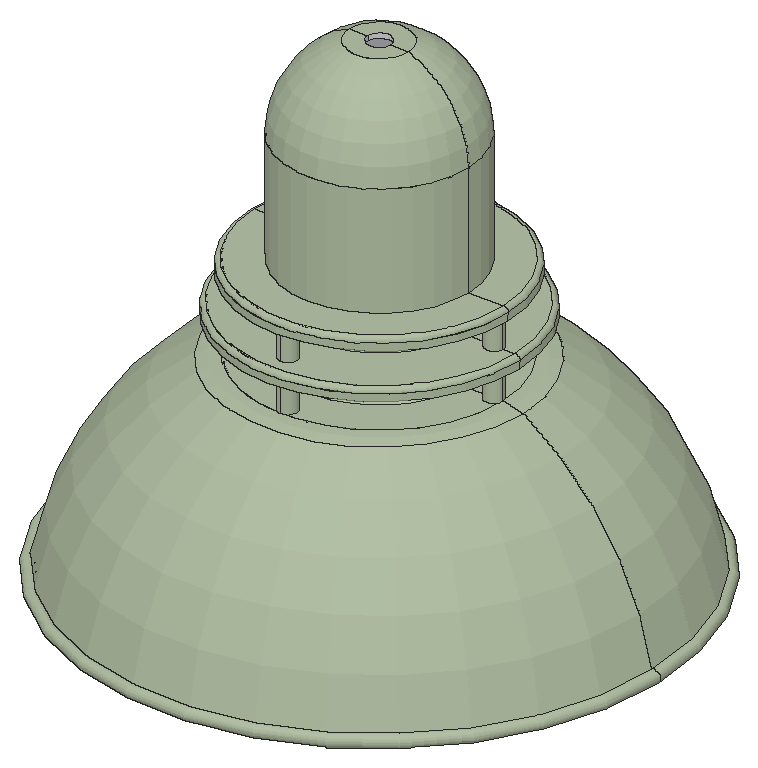
Revit family "UDR12 SHADE", category Lighting Fixtures, Revit 2024
Family settings
  Round Connector Dimension = Use Diameter
  Part Type = Normal
  OmniClass Number = 23.80.70.00
  OmniClass Title = Lighting
  Work Plane-Based = No
  Always vertical = Yes
  Cut with Voids When Loaded = No
  Light Source = Yes
  Maintain Annotation Orientation = No
  Shared = No
  Room Calculation Point = No
Parameters
  Wattage = 12.1178 W
  built-in parameter 1150110 = 1 (stored number, unit not read)
  built-in parameter 1114217 = 1 (stored number, unit not read)
  built-in parameter 1150109 = 1 (stored number, unit not read)
  built-in parameter 1150134 = (empty or 0)
  built-in parameter 1150113 = 1 (stored number, unit not read)
  Lumens = 1800 lm
  built-in parameter 1150115 = 1 (stored number, unit not read)
  built-in parameter 1150105 = 572.96 (stored number, unit not read)
  Light Source Symbol Size = 2' - 0"
  built-in parameter 1150137 = (empty or 0)
  built-in parameter 1150139 = (empty or 0)
  built-in parameter 1150112 = 1 (stored number, unit not read)
  built-in parameter 1150114 = 1 (stored number, unit not read)
  built-in parameter 1150132 = 2
  built-in parameter 1150102 = (empty or 0)
  built-in parameter 1150138 = (empty or 0)
  built-in parameter 1150107 = 3000 (stored number, unit not read)
  built-in parameter 1150106 = 5.7296 (stored number, unit not read)
  built-in parameter 1150104 = 13.8 (stored number, unit not read)
  Dimming Lamp Color Temperature Shift = (empty or 0)
  Default Elevation = 0' - 0"
  Color Filter = 16777215
  built-in parameter 1114218 = 1 (stored number, unit not read)
  built-in parameter 1150133 = 10 (stored number, unit not read)
Reference planes (in)
  plane 1 "Light Source Axis (F/B)": y = 0
  plane 2: z = 0
  plane 3 "Light Source Axis (L/R)": x = 0
  plane 4 "Light Source Elevation": z = 83.93719
Forms (in)
  Revolve 1, solid
    sketch origin (0, 0, 0) x (1, 0, 0) y (0, 0, 1)
      loop
        line (-0.25, 94.22116) -> (-0.625, 94.22116)
        arc (-0.625, 94.22116) -> (-1.54522, 93.53898) -> (-1.90965, 92.45299) r 1.91
        line (-1.90965, 92.45299) -> (-1.90965, 90.07631) -> (-2.65, 90.07631)
        arc (-2.65, 90.07631) -> (-2.72071, 90.04702) -> (-2.75, 89.97631) r 0.1
        line (-2.75, 89.97631) -> (-2.75, 89.82631) -> (-2.65625, 89.82631) -> (-2.65625, 89.98256) -> (-1.8159, 89.98256) -> (-1.8159, 92.45208)
        arc (-1.8159, 92.45208) -> (-1.47368, 93.47793) -> (-0.60902, 94.12741) r 1.81625
        line (-0.60902, 94.12741) -> (-0.25, 94.12741) -> (-0.25, 94.22116)
      loop
        line (-1.78316, 89.25087) -> (-2.89869, 89.25087)
        arc (-2.89869, 89.25087) -> (-2.97033, 89.2212) -> (-3, 89.14956) r 0.10131
        line (-3, 89.14956) -> (-3, 88.99956) -> (-2.90625, 88.99956) -> (-2.90625, 89.15712) -> (-1.78316, 89.15712) -> (-1.78316, 89.25087)
      loop
        line (-1.78316, 88.24956) -> (-2.63433, 88.24956)
        arc (-2.63433, 88.24956) -> (-2.8597, 88.22984) -> (-3.07822, 88.17129) r 1.29784
        arc (-3.07822, 88.17129) -> (-4.87126, 86.50284) -> (-5.82584, 84.24729) r 5.86056
        arc (-5.82584, 84.24729) -> (-5.96199, 84.04044) -> (-5.74632, 84.16213) r 0.12739
        arc (-5.74632, 84.16213) -> (-4.81663, 86.41717) -> (-3.03788, 88.08617) r 5.76681
        arc (-3.03788, 88.08617) -> (-2.83909, 88.13827) -> (-2.63433, 88.15581) r 1.20409
        line (-2.63433, 88.15581) -> (-1.78316, 88.15581) -> (-1.78316, 88.24956)
      axis (0, 94.22116) -> (0, 84.16213)
    angle from 0 to 360
  Sweep 2, solid
    path origin (0, 0, 0) x (1, 0, 0) y (0, 0, 1)
      loop
        line (-2.44683, 88.24956) -> (-2.44683, 89.98256)
    profile origin (-2.44683, 0, 89.11606) x (-1, 0, 0) y (0, -1, 0)
      loop
        circle (0, 0) r 0.1875
  Sweep 3, solid
    path origin (0, 0, 0) x (0, -1, 0) y (0, 0, 1)
      loop
        line (-2.44683, 88.24956) -> (-2.44683, 89.98256)
    profile origin (0, 2.44683, 89.11606) x (0, 1, 0) y (-1, 0, 0)
      loop
        circle (0, 0) r 0.1875
  Sweep 4, solid
    path origin (0, 0, 0) x (0, 1, 0) y (0, 0, 1)
      loop
        line (-2.44683, 88.24956) -> (-2.44683, 89.98256)
    profile origin (0, -2.44683, 89.11606) x (0, -1, 0) y (1, 0, 0)
      loop
        circle (0, 0) r 0.1875
  Sweep 5, solid
    path origin (0, 0, 0) x (-1, 0, 0) y (0, 0, 1)
      loop
        line (-2.44683, 88.24956) -> (-2.44683, 89.98256)
    profile origin (2.44683, 0, 89.11606) x (1, 0, 0) y (0, 1, 0)
      loop
        circle (0, 0) r 0.1875
  Revolve 6, solid
    sketch origin (0, 0, 0) x (1, 0, 0) y (0, 0, 1)
      loop
        line (-1.6, 89.82631) -> (-1.6, 84)
        arc (-1.6, 84) -> (-1.13137, 82.86863) -> (0, 82.4) r 1.6
        line (0, 82.4) -> (0, 82.49375)
        arc (0, 82.49375) -> (-1.06508, 82.93492) -> (-1.50625, 84) r 1.50625
        line (-1.50625, 84) -> (-1.50625, 89.82631) -> (-1.6, 89.82631)
      axis (0, 89.82631) -> (0, 82.4)
    angle from 0 to 360
Dimensions and locks (in)
  aligned and locked: plane 3 "Light Source Axis (L/R)" to imposter light
  aligned and locked: plane 1 "Light Source Axis (F/B)" to imposter light
  aligned and locked: plane 4 "Light Source Elevation" to imposter light
  aligned and locked: level to plane 2
